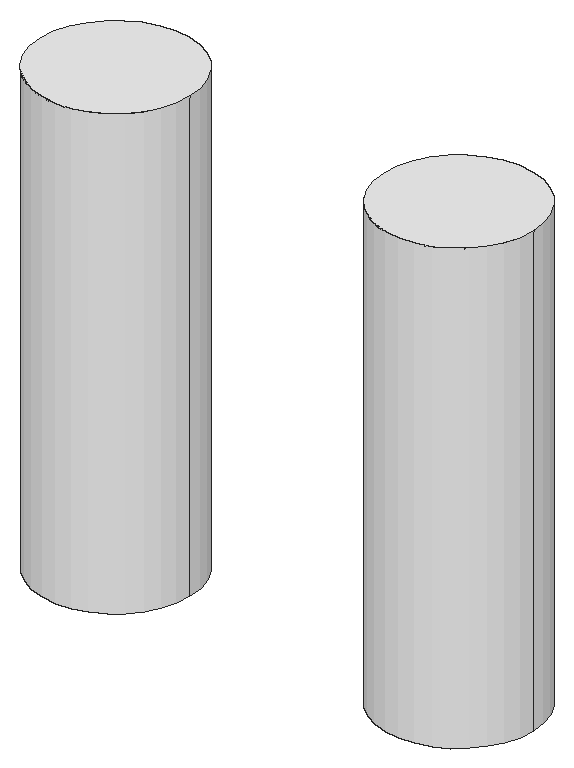
Revit family "52562263(2022)", category Plumbing Fixtures, Revit 2018
Family settings
  Round Connector Dimension = Use Diameter
  Part Type = Normal
  OmniClass Number = 23.45.55.00
  OmniClass Title = Sanitary Faucets, Wastes
  Work Plane-Based = No
  Always vertical = Yes
  Cut with Voids When Loaded = No
  Shared = No
  Room Calculation Point = No
Parameters (values of type "52562263 Washbasin faucet")
  WorkingPressure = "50 - 1000 kPa"
  Working Pressure = "50 - 1000 kPa"
  WarrantyStartDate [instance] = "n/a"
  WarrantyGuarantorParts = "n/a"
  WarrantyGuarantorLabor = "n/a"
  WarrantyDurationUnit = "Year"
  WarrantyDurationParts = "n/a"
  WarrantyDurationLabor = "n/a"
  WarrantyDescription = "http://warranty.hansa.com"
  Warranty Information URL = "http://warranty.hansa.com"
  VersionDate = "01/07/2022"
  Version = "2"  # constant formula
  ValvePattern = "n/a"
  ValveOperation = "n/a"
  ValveMechanism = "n/a"
  Uniclass2015Reference = "Pr_40_20_87_96"
  Uniclass2015Description = "Washbasin manual water supply sets"
  Uniclass2 = "Pr_40_30_96_96"
  URL REACH = "http://static.hansa.com/doc/reach"
  URL Declaration of Conformity = "http://static.hansa.com/DoC/52562263"
  URL = ""
  UNSPSC Class Number = "30181700 Faucets or taps"
  Type Comments = ""
  TestPressure = "n/a"
  Temperature Adjustments = "Limitation option for maximum temperature and flow-rate "
  Technical DataSheet URL = "http://www.hansa.com/datasheet/52562263/en"
  TagNumber [instance] = "n/a"
  SustainabilityPerformance = "n/a"
  Surface treatment = "Chrome"
  Spout Type = "Fixed spout"
  Spout Projection = "114 mm"
  Spare-Part Information URL = "http://static.hansa.com/sp/52562263"
  Size = "50x170x200 mm"
  Shape = "Sculptured"
  SerialNumber [instance] = "n/a"
  Sales Package dimensions (LxWxH) = "380 x 180 x 74"
  Revision = "2"  # constant formula
  ReplacementCost = "n/a"
  ProductInformation = "n/a"
  Product URL = "http://static.hansa.com/52562263"
  Product Image URL = "http://static.hansa.com/image/52562263"
  Product Family = "HANSAVANTIS XL"
  Product Code = "52562263"
  OperatingMechanismMaterial = "n/a"
  NominalWidth = 46.499 mm
  NominalHeight = 188.5 mm
  NominalDepth = 165.09 mm
  Name_en = "52562263 Washbasin faucet"
  Name = "52562263 Washbasin faucet"
  NBSReference = "45-35-70/371"
  NBSDescription = "Water supply fittings for wash basins and troughs"
  Mounting Holes = "1 hole"
  ModelReference = "52562263"
  ModelNumber = "n/a"
  Model = "52562263 Washbasin faucet"
  Mobile Product Information URL = "http://mpi.hansa.com/52562263"
  Mechanical Parts = "30Cartridge"
  Max. Hot Water Supply = 70 °C
  Material = "brassPlastic"
  Market = "International;Germany;Austria;Belgium;Netherlands;France;Czech Republic;Slovakia;Italy;Spain"
  ManufacturerURL = "http://www.hansa.com"
  ManufacturerName = "HANSA"
  Manufacturer = "HANSA"
  Lever Handle = "Single operating lever/handle;Hot/Cold symbols"
  Keynote = ""
  Interactive AR View URL = "https://static.hansa.com/AR/52562263"
  InstallationDate [instance] = "n/a"
  Installation and Maintenance Guide URL = "http://static.hansa.com/manual/52562263"
  Installation Type = "Deck mounted"
  InletConnectionSize = 10 mm
  IfcExportType = "FAUCET"  # constant formula
  IfcExportAs = "IfcValveType"  # constant formula
  Group = "Washbasin faucet"
  Grade = "n/a"
  FlowCoefficient = 0
  Flow Rate At 300kPa With Flow Controller = 0.01 L/s
  Flow Drawing URL = "http://static.hansa.com/flowchart/52562263"
  Finish = "Polished"
  Features = "Single-lever"
  FaucetMainMaterial = Brass
  FDV Document URL = "http://www.hansa.com/datasheet/52562263/en/fdv"
  Extensions = "Pop-up waste with draw-rod"
  ExpectedLife = "n/a"
  ETIM Class Number = "EC011328 Washbasin mixing tap"
  EN Standard = "EN 817"
  EAN Number = "4057304017148"
  DurationUnit = "Year"
  Dimension Drawing URL = "http://static.hansa.com/dimdrw/52562263"
  Description = ""
  DefaultElevation [instance] = 900 mm
  Constituents = "n/a"
  Connection Size = "G3/8"
  Connection = "Flexible inlet pipes"
  Color = "Chrome"
  CodePerformance = "n/a"
  CloseOffRating = 0
  Catalog Drawing URL = "http://static.hansa.com/catdrw/52562263"
  Brand = "HANSA"
  BodyMaterial = "Brass"
  Barcode [instance] = "n/a"
  Backflow Prevention EN1717 = "AA"
  BIMObjectName = "52562263(2022)"
  Author = "BIMStone"
  AssetType = "Fixed"
  AssetIdentifier [instance] = "n/a"
  Aerator = "PCA® - constant flow rate regardless of pressure variations"
  Advanced Features = "Inner body made of DZR brass;3S-installation system for safe and simple mounting"
  AccessibilityPerformance = "n/a"
  3D View = "https://static.hansa.com/3D/52562263"
  2D/3D/BIM Files URL = "http://static.hansa.com/bim/52562263"
Reference planes
  plane 1 "Center (Front/Back)": y = 0
  plane 2: z = 0
  plane 3 "Center (Left/Right)": x = 0
  plane 4: x = -23.249
  plane 5: z = 900
  plane 6: z = 870
  plane 7: y = -165.09
  plane 8: x = 23.249
  plane 9: z = 1088.5
Forms (mm)
  Extrusion 1, solid, material "Brass" <- "FaucetMainMaterial"
    sketch origin (0, -17.5, 0) x (1, 0, 0) y (0, 1, 0)
      loop
        circle (-11.5, -22.5) r 5
      loop
        circle (11.5, -22.5) r 5
    from 870 to 900
Dimensions and locks
  "DefaultElevation": plane 5 to level
  locked: plane 5 to plane 6 at 30
  "NominalDepth": plane 7 to plane 1 "Center (Front/Back)"
  equal spacing: plane 4, plane 3 "Center (Left/Right)", plane 8
  "NominalHeight": plane 9 to plane 5
  "NominalWidth": plane 4 to plane 8
  "InletConnectionSize": diameter of Extrusion 1 sketch curve  (x2)
  aligned and locked: level to plane 2
  aligned and locked: plane 5 to Extrusion 1
  aligned and locked: Extrusion 1 to plane 6
  aligned and locked: plane 1 "Center (Front/Back)" to nested 2
  aligned and locked: plane 3 "Center (Left/Right)" to nested 2
  aligned and locked: plane 3 "Center (Left/Right)" to nested 1
  aligned and locked: plane 1 "Center (Front/Back)" to nested 1
  aligned and locked: plane 7 to nested 2
Automatic sketch dimensions
  Extrusion 1 sketch curve to plane 3 "Center (Left/Right)" = 11.5 mm
  plane 3 "Center (Left/Right)" to Extrusion 1 sketch curve = 11.5 mm
  plane 1 "Center (Front/Back)" to Extrusion 1 sketch curve = 40 mm  (x2)
Nested families
  nested 1: "Symbol" at (0, 0, 0), type "Symbol", detail levels coarse
  nested 2: "52562263(2022).p" at (0, 0, 900), main material <- "FaucetMainMaterial", type "52562263(2022).p"
    with main material Brass
Connectors
  piping at (-11.5, -40, 870), diameter 10, driven by "InletConnectionSize"
    settings: on Extrusion 1, index 1, connector inside diameter 609.6 mm, connector length 0 mm, flow factor 0, pipe flow 0.2 L/s, pressure drop 0.0 Pa, fitting loss kfactor 0, connector angle 0.00°, fixture units 0, engagement length 0 mm, angle of deflection 0.00°, flow configuration 1, flow direction 1, fitting loss method 0, system type 19, joint type 0, gender type 0, connector reference index -1, connector utility 0, adjustable connector no, is connector primary yes, connector description ""
  piping at (11.5, -40, 870), diameter 10, driven by "InletConnectionSize"
    settings: on Extrusion 1, index 2, connector inside diameter 609.6 mm, connector length 0 mm, flow factor 0, pipe flow 0.2 L/s, pressure drop 0.0 Pa, fitting loss kfactor 0, connector angle 0.00°, fixture units 0, engagement length 0 mm, angle of deflection 0.00°, flow configuration 1, flow direction 1, fitting loss method 0, system type 20, joint type 0, gender type 0, connector reference index -1, connector utility 0, adjustable connector no, is connector primary no, connector description ""
Definition of nested family "Symbol"
  Reference planes
    plane 1: y = 0
    plane 2: x = 0
  Lines and regions (mm)
    detail lines
      curve 1: line (0, 0, 0) -> (0, -1.8, 0)
      curve 2: line (-0.4, -1.1, 0) -> (0.4, -1.1, 0)
      curve 3: line (-0.4, -1.4, 0) -> (0.4, -1.4, 0)
      curve 4: line (0.863, 0, 0) -> (-0.863, 0, 0)
      curve 5: circle (-1.163, 0, 0) r 0.3 normal (0, 0, -1)
      curve 6: circle (1.163, 0, 0) r 0.3 normal (0, 0, 1)
Definition of nested family "52562263(2022).p"
  Parameters (values of type "52562263(2022).p")
    main material [instance] = none
  Reference planes
    plane 1 "Center (Front/Back)": y = 0
    plane 2: z = 0
    plane 3 "Center (Left/Right)": x = 0
    plane 4: z = 186
    plane 5: y = -165.09
    plane 6: x = -23.249
    plane 7: x = 23.249
  Forms (mm)
    Revolve 1, solid, material <- "main material", detail levels medium
      sketch origin (0.009, -0.001, 0) x (0, 1, 0) y (0, 0, 1)
        loop
          line (-16.75, 0) -> (-16.75, 186) -> (-40, 186) -> (-40, 0) -> (-16.75, 0)
        axis (-40, 0) -> (-40, 186)
      angle from 0 to 360
    Extrusion 2, solid, material <- "main material", detail levels medium
      sketch origin (0.009, -0.001, 0) x (0, 1, 0) y (0, 0, 1)
        loop
          line (0, 57.272) -> (-15.312, 57.272) -> (-17.343, 50.192) -> (-17.343, 27.748) -> (-10.614, 51.213) -> (0, 51.213) -> (0, 57.272)
      from -3.093 to 3.075
    Extrusion 3, solid, material <- "main material", detail levels medium
      sketch origin (0.009, -0.001, 0) x (0, 1, 0) y (0, 0, 1)
        loop
          line (-48.033, 186) -> (-127.502, 186) -> (-127.502, 178.5) -> (-48.033, 178.5) -> (-48.033, 186)
      from -13.006 to 12.988
    Revolve 4, solid, material <- "main material", detail levels medium
      sketch origin (0.009, -0.001, 0) x (0, 1, 0) y (0, 0, 1)
        loop
          line (-165.09, 94.201) -> (-48.813, 127.543) -> (-48.813, 145.614) -> (-165.09, 112.272) -> (-165.09, 94.201)
        axis (-44.025, 128.916) -> (-165.09, 94.201)
      angle from 0 to 360
    Extrusion 5, solid, material <- "main material", detail levels coarse
      sketch origin (0, 0, 0) x (0, 1, 0) y (0, 0, 1)
        loop
          line (-165.09, 186) -> (-165.09, 0) -> (0, 0) -> (0, 186) -> (-165.09, 186)
      from -23.249 to 23.249
  Lines and regions (mm)
    symbolic lines, detail levels medium+fine
      curve 1: line (0, -0.001, 0) -> (-2.478, -0.001, 0)
      curve 2: arc (-2.478, -0.001, 0) -> (-2.843, -0.152, 0) -> (-2.994, -0.516, 0) r 0.516
      curve 3: line (-2.994, -0.516, 0) -> (-2.994, -16.908, 0)
      curve 5: arc (0, -165.09, 0) -> (-10.885, -160.621, 0) -> (-15.47, -149.784, 0) r 15.456
      curve 6: arc (-2.994, -16.908, 0) -> (-21.319, -30.687, 0) -> (-18.911, -53.488, 0) r 23.249
      curve 7: line (0, -0.001, 0) -> (2.478, -0.001, 0)
      curve 8: arc (2.478, -0.001, 0) -> (2.843, -0.152, 0) -> (2.994, -0.516, 0) r 0.516
      curve 9: line (2.994, -0.516, 0) -> (2.994, -16.908, 0)
      curve 11: line (15.47, -149.784, 0) -> (16.137, -81.379, 0)
      curve 12: arc (0, -165.09, 0) -> (10.885, -160.621, 0) -> (15.47, -149.784, 0) r 15.456
      curve 13: arc (2.994, -16.908, 0) -> (21.319, -30.687, 0) -> (18.911, -53.488, 0) r 23.249
      curve 14: line (-15.47, -149.784, 0) -> (-16.137, -81.379, 0)
      curve 15: line (-16.137, -81.379, 0) -> (-18.911, -53.488, 0)
      curve 16: line (16.137, -81.379, 0) -> (18.911, -53.488, 0)
      curve 23: line (0, 0, 0) -> (-23.249, 0, 0)
      curve 24: line (-23.249, 0, 0) -> (-23.249, 0, 148.48)
      curve 25: arc (-23.249, 0, 148.48) -> (-23.104, 0, 148.841) -> (-22.749, 0, 149) r 0.521
      curve 26: line (-22.749, 0, 149) -> (-21.762, 0, 149)
      curve 28: line (-21.57, 0, 150.998) -> (-22.008, 0, 149.241)
      curve 29: arc (-22.008, 0, 149.241) -> (-21.954, 0, 149.05) -> (-21.762, 0, 149) r 0.2
      curve 31: line (-21.57, 0, 150.998) -> (-22.795, 0, 150.998)
      curve 32: arc (-22.795, 0, 150.998) -> (-23.118, 0, 151.133) -> (-23.249, 0, 151.458) r 0.455
      curve 33: line (-23.249, 0, 151.458) -> (-19.922, 0, 184.946)
      curve 48: line (0, 0, 0) -> (23.249, 0, 0)
      curve 49: line (23.249, 0, 0) -> (23.249, 0, 148.48)
      curve 50: arc (23.249, 0, 148.48) -> (23.104, 0, 148.841) -> (22.749, 0, 149) r 0.521
      curve 51: line (22.749, 0, 149) -> (21.762, 0, 149)
      curve 53: line (21.57, 0, 150.998) -> (22.008, 0, 149.241)
      curve 55: line (21.57, 0, 150.998) -> (22.795, 0, 150.998)
      curve 70: arc (22.795, 0, 150.998) -> (23.116, 0, 151.134) -> (23.249, 0, 151.457) r 0.459
      curve 71: arc (22.008, 0, 149.241) -> (21.954, 0, 149.05) -> (21.762, 0, 149) r 0.2
      curve 73: arc (-19.922, 0, 184.946) -> (-19.613, 0, 185.691) -> (-18.868, 0, 186) r 1.054
      curve 74: line (-18.868, 0, 186) -> (0, 0, 186)
      curve 83: line (23.249, 0, 151.457) -> (19.922, 0, 184.946)
      curve 84: arc (19.922, 0, 184.946) -> (19.613, 0, 185.691) -> (18.868, 0, 186) r 1.054
      curve 85: line (18.868, 0, 186) -> (0, 0, 186)
      curve 94: line (0, -0.001, 56.997) -> (0, -0.001, 51.997)
      curve 95: arc (0, -0.001, 51.997) -> (0, -0.136, 51.611) -> (0, -0.482, 51.393) r 0.619
      curve 96: line (0, -0.482, 51.393) -> (0, -10.693, 51.393)
      curve 97: line (0, -10.693, 51.393) -> (0, -16.751, 28.787)
      curve 98: line (0, -16.751, 0) -> (0, -16.751, 28.787)
      curve 99: line (0, -16.751, 0) -> (0, -63.251, 0)
      curve 100: line (0, -63.251, 0) -> (0, -63.251, 90.915)
      curve 101: arc (0, -63.251, 90.915) -> (0, -63.563, 94.395) -> (0, -64.491, 97.764) r 19.53
      curve 102: arc (0, -64.491, 97.764) -> (0, -67.535, 101.778) -> (0, -72.282, 103.464) r 8.795
      curve 103: arc (0, -72.282, 103.464) -> (0, -75.502, 103.361) -> (0, -78.661, 102.732) r 19.55
      curve 104: line (0, -78.661, 102.732) -> (0, -134.849, 89.229)
      curve 105: arc (0, -134.849, 89.229) -> (0, -135.8, 89.043) -> (0, -136.764, 88.938) r 11.377
      curve 106: arc (0, -136.764, 88.938) -> (0, -137.971, 89.088) -> (0, -139.037, 89.673) r 3.236
      curve 107: line (0, -139.037, 89.673) -> (0, -141.176, 91.442)
      curve 109: line (0, -159.635, 106.974) -> (0, -164.579, 111.122)
      curve 110: arc (0, -164.579, 111.122) -> (0, -165.073, 112.442) -> (0, -164.197, 113.547) r 1.432
      curve 111: line (0, -164.197, 113.547) -> (0, -74.062, 137.25)
      curve 112: arc (0, -74.062, 137.25) -> (0, -71.402, 138.021) -> (0, -68.784, 138.923) r 55.545
      curve 113: arc (0, -68.784, 138.923) -> (0, -66.738, 140.155) -> (0, -65.275, 142.043) r 6.496
      curve 114: arc (0, -65.275, 142.043) -> (0, -64.025, 145.164) -> (0, -63.377, 148.464) r 18.005
      curve 115: arc (0, -63.377, 148.464) -> (0, -63.203, 148.829) -> (0, -62.836, 149) r 0.599
      curve 116: line (0, -62.836, 149) -> (0, -61.854, 149)
      curve 117: arc (0, -17.249, 149) -> (0, -16.897, 148.854) -> (0, -16.751, 148.501) r 0.499
      curve 118: line (0, -16.751, 148.501) -> (0, -16.751, 51.91)
      curve 119: arc (0, -0.541, 57.433) -> (0, -0.167, 57.344) -> (0, -0.001, 56.997) r 0.446
      curve 120: line (0, -0.541, 57.433) -> (0, -15.271, 57.433)
      curve 121: line (0, -15.271, 57.433) -> (0, -16.751, 51.91)
      curve 122: line (0, -142.135, 89.999) -> (0, -141.176, 91.442)
      curve 123: line (0, -142.135, 89.999) -> (0, -142.968, 90.553)
      curve 124: line (0, -142.968, 90.553) -> (0, -145.102, 87.342)
      curve 125: line (0, -145.102, 87.342) -> (0, -163.447, 99.533)
      curve 126: line (0, -163.447, 99.533) -> (0, -161.225, 102.876)
      curve 127: line (0, -161.225, 102.876) -> (0, -162.032, 103.42)
      curve 128: line (0, -162.032, 103.42) -> (0, -159.635, 106.974)
      curve 129: arc (0, -17.988, 149.268) -> (0, -19.251, 153.278) -> (0, -21.128, 157.04) r 26.694
      curve 130: arc (0, -18.157, 149) -> (0, -18.017, 149.098) -> (0, -17.988, 149.268) r 0.223
      curve 131: arc (0, -61.565, 151.011) -> (0, -61.796, 150.134) -> (0, -61.972, 149.244) r 14.476
      curve 132: arc (0, -61.972, 149.244) -> (0, -61.952, 149.103) -> (0, -61.854, 149) r 0.235
      curve 136: line (0, -21.128, 157.04) -> (0, -16.956, 158.396)
      curve 137: arc (0, -16.956, 158.396) -> (0, -16.762, 158.537) -> (0, -16.688, 158.765) r 0.387
      curve 138: line (0, -16.688, 158.765) -> (0, -16.688, 184.399)
      curve 139: arc (0, -16.688, 184.399) -> (0, -17.07, 185.445) -> (0, -18.036, 186) r 1.625
      curve 140: line (0, -18.036, 186) -> (0, -58.353, 186)
      curve 141: arc (0, -125.558, 186) -> (0, -126.952, 185.411) -> (0, -127.502, 184.002) r 1.945
      curve 142: line (0, -127.502, 184.002) -> (0, -127.502, 180.002)
      curve 143: arc (0, -127.502, 180.002) -> (0, -126.916, 178.586) -> (0, -125.499, 177.999) r 2.003
      curve 144: line (0, -125.499, 177.999) -> (0, -69.049, 177.999)
      curve 145: arc (0, -69.049, 177.999) -> (0, -67.677, 177.959) -> (0, -66.309, 177.837) r 23.276
      curve 146: arc (0, -66.309, 177.837) -> (0, -65.172, 177.489) -> (0, -64.228, 176.765) r 3.341
      curve 147: arc (0, -64.228, 176.765) -> (0, -63.584, 175.727) -> (0, -63.349, 174.529) r 3.389
      curve 148: line (0, -63.349, 174.529) -> (0, -63.349, 171.063)
      curve 149: line (0, -61.565, 151.011) -> (0, -63.129, 151.011)
      curve 150: arc (0, -63.349, 151.398) -> (0, -63.29, 151.175) -> (0, -63.129, 151.011) r 0.451
      curve 155: line (0, -63.349, 171.063) -> (0, -63.349, 151.398)
      curve 156: line (0, -58.353, 186) -> (0, -125.558, 186)
      curve 157: line (0, -18.157, 149) -> (0, -17.249, 149)
    symbolic lines, detail levels fine
      curve 4: arc (0, -16.714, 0) -> (-1.5, -16.763, 0) -> (-2.994, -16.908, 0) r 23.249
      curve 10: arc (0, -16.714, 0) -> (1.5, -16.763, 0) -> (2.994, -16.908, 0) r 23.249
      curve 17: line (-18.911, -53.488, 0) -> (-20.293, -40.337, 0)
      curve 18: line (18.911, -53.488, 0) -> (20.293, -40.337, 0)
      curve 19: arc (-20.293, -40.337, 0) -> (0, -17.799, 0) -> (20.293, -40.337, 0) r 20.405
      curve 20: line (-16.137, -81.379, 0) -> (-12.371, -117.21, 0)
      curve 21: line (16.137, -81.379, 0) -> (12.371, -117.21, 0)
      curve 22: arc (12.371, -117.21, 0) -> (0, -128.349, 0) -> (-12.371, -117.21, 0) r 12.439
      curve 27: line (-21.762, 0, 149) -> (-18.967, 0, 149)
      curve 30: line (-21.57, 0, 150.998) -> (0, 0, 150.998)
      curve 34: line (-16.304, 0, 122.674) -> (-15.428, 0, 101.82)
      curve 35: arc (-15.428, 0, 101.82) -> (-14.457, 0, 97.447) -> (-12.032, 0, 93.68) r 12.744
      curve 36: line (-12.032, 0, 93.68) -> (-12.032, 0, 98.11)
      curve 37: arc (-12.032, 0, 98.11) -> (-8.551, 0, 106.886) -> (0, 0, 110.891) r 12.805
      curve 38: arc (-11.384, 0, 91.621) -> (-11.866, 0, 92.601) -> (-12.032, 0, 93.68) r 3.601
      curve 39: arc (-8.583, 0, 89.201) -> (-10.136, 0, 90.235) -> (-11.384, 0, 91.621) r 7.496
      curve 40: arc (0, 0, 87.397) -> (-4.408, 0, 87.748) -> (-8.583, 0, 89.201) r 17.336
      curve 41: arc (-12.032, 0, 93.68) -> (-11.658, 0, 95.573) -> (-10.593, 0, 97.181) r 4.98
      curve 42: arc (-10.593, 0, 97.181) -> (-7.933, 0, 99.128) -> (-4.795, 0, 100.143) r 10.38
      curve 43: line (-4.795, 0, 100.143) -> (-4.795, 0, 102.861)
      curve 44: arc (-4.795, 0, 102.861) -> (-2.414, 0, 103.283) -> (0, 0, 103.425) r 20.668
      curve 45: arc (-4.795, 0, 100.143) -> (-2.41, 0, 99.775) -> (0, 0, 99.653) r 23.665
      curve 46: arc (-14.457, 0, 97.447) -> (-20.597, 0, 122.883) -> (-18.967, 0, 149) r 87.789
      curve 47: line (-18.967, 0, 149) -> (0, 0, 149)
      curve 52: line (21.762, 0, 149) -> (18.967, 0, 149)
      curve 54: line (21.57, 0, 150.998) -> (0, 0, 150.998)
      curve 56: line (16.304, 0, 122.674) -> (15.428, 0, 101.82)
      curve 57: arc (15.428, 0, 101.82) -> (14.457, 0, 97.447) -> (12.032, 0, 93.68) r 12.744
      curve 58: line (12.032, 0, 93.68) -> (12.032, 0, 98.11)
      curve 59: arc (12.032, 0, 98.11) -> (8.551, 0, 106.886) -> (0, 0, 110.891) r 12.805
      curve 60: arc (11.385, 0, 91.621) -> (11.866, 0, 92.601) -> (12.032, 0, 93.68) r 3.601
      curve 61: arc (8.583, 0, 89.201) -> (10.136, 0, 90.235) -> (11.385, 0, 91.621) r 7.496
      curve 62: arc (0, 0, 87.397) -> (4.408, 0, 87.748) -> (8.583, 0, 89.201) r 17.336
      curve 63: arc (12.032, 0, 93.68) -> (11.658, 0, 95.573) -> (10.593, 0, 97.181) r 4.98
      curve 64: arc (10.593, 0, 97.181) -> (7.933, 0, 99.128) -> (4.795, 0, 100.143) r 10.38
      curve 65: line (4.795, 0, 100.143) -> (4.795, 0, 102.861)
      curve 66: arc (4.795, 0, 102.861) -> (2.414, 0, 103.283) -> (0, 0, 103.425) r 20.668
      curve 67: arc (4.795, 0, 100.143) -> (2.41, 0, 99.775) -> (0, 0, 99.653) r 23.665
      curve 68: arc (14.457, 0, 97.447) -> (20.597, 0, 122.883) -> (18.967, 0, 149) r 87.789
      curve 69: line (18.967, 0, 149) -> (0, 0, 149)
      curve 72: arc (-16.304, 0, 122.674) -> (0, 0, 138.978) -> (16.304, 0, 122.674) r 16.304
      curve 75: line (0, 0, 179.8) -> (-8.173, 0, 179.8)
      curve 76: arc (-8.173, 0, 179.8) -> (-10.4, 0, 180.472) -> (-11.885, 0, 182.263) r 4.029
      curve 77: arc (-11.885, 0, 182.263) -> (-12.247, 0, 183.58) -> (-12.256, 0, 184.946) r 5.234
      curve 78: arc (-12.256, 0, 184.946) -> (-11.967, 0, 185.605) -> (-11.365, 0, 186) r 1.264
      curve 79: line (-8.173, 0, 179.8) -> (-13.173, 0, 179.8)
      curve 80: arc (-13.173, 0, 179.8) -> (-14.761, 0, 180.279) -> (-15.819, 0, 181.557) r 2.871
      curve 81: arc (-15.819, 0, 181.557) -> (-16.181, 0, 182.644) -> (-16.374, 0, 183.772) r 7.497
      curve 82: arc (-16.374, 0, 183.772) -> (-16.412, 0, 184.888) -> (-16.319, 0, 186) r 9.512
      curve 86: line (0, 0, 179.8) -> (8.173, 0, 179.8)
      curve 87: arc (8.173, 0, 179.8) -> (10.4, 0, 180.472) -> (11.885, 0, 182.263) r 4.029
      curve 88: arc (11.885, 0, 182.263) -> (12.247, 0, 183.58) -> (12.256, 0, 184.946) r 5.234
      curve 89: arc (12.256, 0, 184.946) -> (11.967, 0, 185.605) -> (11.365, 0, 186) r 1.264
      curve 90: line (8.173, 0, 179.8) -> (13.173, 0, 179.8)
      curve 91: arc (13.173, 0, 179.8) -> (14.761, 0, 180.279) -> (15.819, 0, 181.557) r 2.871
      curve 92: arc (15.819, 0, 181.557) -> (16.181, 0, 182.644) -> (16.374, 0, 183.772) r 7.497
      curve 93: arc (16.374, 0, 183.772) -> (16.412, 0, 184.888) -> (16.319, 0, 186) r 9.512
      curve 108: line (0, -141.158, 91.47) -> (0, -159.635, 106.974)
      curve 133: line (0, -61.565, 151.011) -> (0, -41.565, 151.011)
      curve 134: arc (0, -41.565, 151.011) -> (0, -39.973, 151.118) -> (0, -38.409, 151.436) r 11.906
      curve 135: line (0, -38.409, 151.436) -> (0, -21.128, 157.04)
      curve 151: arc (0, -58.353, 186) -> (0, -59.807, 178.182) -> (0, -63.349, 171.063) r 28.719
      curve 152: arc (0, -63.251, 90.915) -> (0, -50.954, 118.692) -> (0, -53.009, 149) r 63.323
      curve 153: line (0, -16.751, 51.91) -> (0, -16.751, 28.787)
      curve 154: line (0, -53.009, 149) -> (0, -18.157, 149)
      curve 158: line (0, -61.854, 149) -> (0, -53.009, 149)
  Dimensions and locks
    equal spacing: Extrusion 3, plane 3 "Center (Left/Right)", Extrusion 3
    aligned and locked: level to plane 2
  Automatic sketch dimensions
    Revolve 1 sketch curve to level = 0 mm
    plane 1 "Center (Front/Back)" to Revolve 1 sketch curve = 40.001 mm
    plane 1 "Center (Front/Back)" to Revolve 1 sketch curve = 16.751 mm
    plane 4 to Revolve 1 sketch curve = 0 mm
    Revolve 1 sketch curve to Revolve 1 sketch curve = 0 mm
    Revolve 1 sketch curve to Revolve 1 sketch curve = 2.5 mm
    Revolve 1 sketch curve to Revolve 1 sketch curve = 37.5 mm
    plane 1 "Center (Front/Back)" to Extrusion 2 sketch curve = 17.343 mm
    Extrusion 2 sketch curve to Extrusion 2 sketch curve = 2.03 mm
    Extrusion 2 sketch curve to Extrusion 2 sketch curve = 6.729 mm
    plane 1 "Center (Front/Back)" to Extrusion 2 sketch curve = 0.001 mm
    level to Extrusion 2 sketch curve = 27.748 mm
    Extrusion 2 sketch curve to Extrusion 2 sketch curve = 22.444 mm
    Extrusion 2 sketch curve to Extrusion 2 sketch curve = 1.021 mm
    Extrusion 2 sketch curve to Extrusion 2 sketch curve = 7.08 mm
    plane 4 to Extrusion 3 sketch curve = 0 mm
    plane 5 to Extrusion 3 sketch curve = 37.588 mm
    Extrusion 3 sketch curve to plane 4 = 7.5 mm
    plane 1 "Center (Front/Back)" to Extrusion 3 sketch curve = 48.033 mm
    Revolve 4 sketch curve to plane 5 = 0 mm  (x2)
    plane 1 "Center (Front/Back)" to Revolve 4 sketch curve = 48.813 mm
    Revolve 4 sketch curve to plane 4 = 91.799 mm
    Revolve 4 sketch curve to Revolve 4 sketch curve = 18.071 mm  (x2)
    Revolve 4 sketch curve to plane 4 = 58.457 mm
    Revolve 4 sketch curve to plane 5 = 19.225 mm
    Revolve 4 sketch curve to Revolve 4 sketch curve = 0 mm
    Revolve 4 sketch curve to Revolve 4 sketch curve = 5.513 mm
    curve 73 to plane 4 = 0 mm
    curve 75 to plane 3 "Center (Left/Right)" = 0 mm
    curve 74 to plane 3 "Center (Left/Right)" = 0 mm
    curve 82 to plane 4 = 1.348 mm
    curve 82 to plane 3 "Center (Left/Right)" = 6.902 mm
    curve 77 to curve 82 = 0.16 mm
    curve 79 to curve 77 = 1.11 mm
    curve 81 to curve 76 = 0.737 mm
    curve 78 to curve 81 = 2.092 mm
    curve 79 to curve 76 = 5 mm
    curve 73 to plane 4 = 1.054 mm
    curve 73 to plane 6 = 4.381 mm
    curve 93 to plane 4 = 1.348 mm
    plane 3 "Center (Left/Right)" to curve 93 = 6.902 mm
    curve 93 to curve 88 = 0.16 mm
    curve 88 to curve 90 = 1.11 mm
    curve 87 to curve 92 = 0.737 mm
    curve 92 to curve 89 = 2.092 mm
    curve 89 to curve 91 = 2.171 mm
    curve 84 to plane 4 = 1.054 mm
    curve 84 to plane 7 = 4.381 mm
    curve 92 to plane 4 = 1.535 mm
    curve 81 to plane 4 = 1.535 mm
    curve 77 to curve 82 = 0.354 mm
    curve 88 to curve 93 = 0.354 mm
    curve 87 to curve 92 = 0.637 mm
    curve 76 to curve 81 = 0.637 mm
    curve 91 to plane 4 = 3.329 mm
    curve 80 to plane 4 = 3.329 mm
    curve 79 to curve 76 = 4.029 mm
    curve 78 to plane 4 = 1.21 mm
    curve 89 to plane 4 = 1.21 mm
    curve 78 to curve 78 = 0.363 mm
    curve 77 to curve 76 = 0 mm
    curve 81 to curve 80 = 0 mm
    curve 81 to curve 82 = 0.055 mm
    curve 89 to curve 89 = 0.363 mm
    curve 88 to curve 87 = 0 mm
    curve 92 to curve 91 = 0 mm
    curve 93 to curve 92 = 0.055 mm
    curve 4 to curve 6 = 0 mm  (x2)
    curve 4 to curve 10 = 0 mm  (x2)
    curve 4 to curve 13 = 0 mm  (x2)
    curve 6 to curve 10 = 0 mm  (x2)
    curve 6 to curve 13 = 0 mm  (x2)
    curve 10 to curve 13 = 0 mm  (x2)
    curve 5 to plane 3 "Center (Left/Right)" = 0 mm
    curve 10 to plane 3 "Center (Left/Right)" = 0 mm
    curve 22 to plane 3 "Center (Left/Right)" = 0 mm
    curve 1 to plane 3 "Center (Left/Right)" = 0 mm
    curve 19 to plane 3 "Center (Left/Right)" = 0 mm
    curve 5 to plane 3 "Center (Left/Right)" = 0.014 mm
    plane 1 "Center (Front/Back)" to curve 2 = 0.516 mm
    curve 2 to plane 3 "Center (Left/Right)" = 2.478 mm
    curve 3 to curve 2 = 0.516 mm
    curve 20 to plane 6 = 10.879 mm
    curve 14 to plane 6 = 7.779 mm
    curve 15 to plane 6 = 7.113 mm
    curve 15 to plane 6 = 4.338 mm
    curve 17 to plane 6 = 2.956 mm
    plane 3 "Center (Left/Right)" to curve 12 = 0.014 mm
    plane 1 "Center (Front/Back)" to curve 8 = 0.516 mm
    plane 3 "Center (Left/Right)" to curve 8 = 2.478 mm
    curve 21 to plane 7 = 10.879 mm
    curve 11 to plane 7 = 7.779 mm
    curve 16 to plane 7 = 7.113 mm
    curve 16 to plane 7 = 4.338 mm
    curve 18 to plane 7 = 2.956 mm
    curve 3 to curve 2 = 16.391 mm
    curve 19 to curve 6 = 21.296 mm
    curve 4 to curve 19 = 1.759 mm
    curve 16 to curve 18 = 13.151 mm
    curve 15 to curve 6 = 27.892 mm
    curve 11 to curve 13 = 27.892 mm
    curve 22 to curve 11 = 34.53 mm
    curve 20 to curve 22 = 1.3 mm
    plane 5 to curve 5 = 15.456 mm
    curve 5 to curve 12 = 0 mm
    plane 5 to curve 11 = 15.306 mm
    plane 6 to curve 68 = 43.608 mm
    curve 24 to plane 6 = 0 mm
    curve 33 to plane 6 = 0 mm
    curve 32 to plane 6 = 0.455 mm
    curve 26 to plane 6 = 0.5 mm
    curve 25 to curve 25 = 0.521 mm
    curve 25 to curve 28 = 0.741 mm
    curve 28 to curve 29 = 0.194 mm
    curve 29 to curve 26 = 0.052 mm
    curve 31 to curve 31 = 1.225 mm
    curve 26 to curve 27 = 2.795 mm
    curve 34 to plane 6 = 6.946 mm
    curve 34 to plane 6 = 7.821 mm
    curve 35 to curve 36 = 3.396 mm
    curve 36 to curve 38 = 3.601 mm
    curve 38 to curve 41 = 1.38 mm
    curve 41 to curve 39 = 1.815 mm
    curve 43 to plane 3 "Center (Left/Right)" = 4.795 mm
    curve 42 to plane 3 "Center (Left/Right)" = 3.211 mm
    curve 43 to curve 35 = 2.1 mm
    curve 40 to plane 3 "Center (Left/Right)" = 0.842 mm
    curve 59 to plane 3 "Center (Left/Right)" = 0.773 mm
    curve 45 to plane 3 "Center (Left/Right)" = 0.004 mm
    curve 66 to plane 3 "Center (Left/Right)" = 0 mm
    plane 3 "Center (Left/Right)" to curve 47 = 0 mm
    plane 3 "Center (Left/Right)" to curve 48 = 0 mm
    plane 3 "Center (Left/Right)" to curve 30 = 0 mm
    plane 3 "Center (Left/Right)" to curve 72 = 0 mm
    plane 3 "Center (Left/Right)" to curve 44 = 0.001 mm
    plane 3 "Center (Left/Right)" to curve 67 = 0.004 mm
    plane 3 "Center (Left/Right)" to curve 37 = 0.773 mm
    plane 3 "Center (Left/Right)" to curve 62 = 0.842 mm
    plane 3 "Center (Left/Right)" to curve 57 = 2.696 mm
    plane 3 "Center (Left/Right)" to curve 64 = 3.211 mm
    curve 57 to curve 65 = 2.1 mm
    curve 64 to curve 61 = 0.441 mm
    curve 61 to curve 63 = 1.815 mm
    curve 63 to curve 60 = 1.38 mm
    curve 60 to curve 58 = 3.601 mm
    curve 59 to curve 56 = 3.396 mm
    curve 52 to plane 7 = 4.283 mm
    curve 55 to plane 7 = 1.68 mm
    curve 52 to plane 7 = 1.487 mm
    curve 51 to curve 71 = 0.052 mm
    curve 71 to curve 53 = 0.194 mm
    curve 50 to plane 7 = 0.52 mm
    curve 51 to plane 7 = 0.5 mm
    curve 70 to plane 7 = 0.459 mm
    curve 55 to plane 7 = 0.455 mm
    plane 7 to curve 49 = 0 mm
    plane 7 to curve 83 = 0 mm
    plane 7 to curve 46 = 43.608 mm
    curve 23 to level = 0 mm
    level to curve 66 = 82.756 mm
    curve 44 to curve 66 = 0 mm
    curve 44 to curve 64 = 7.128 mm
    curve 42 to curve 64 = 0 mm
    curve 42 to curve 41 = 3.796 mm
    curve 64 to curve 60 = 3.796 mm
    curve 41 to curve 39 = 2.228 mm
    curve 63 to curve 61 = 2.228 mm
    curve 41 to curve 36 = 0.928 mm
    curve 63 to curve 58 = 0.928 mm
    curve 39 to curve 43 = 4.234 mm
    curve 61 to curve 65 = 4.234 mm
    curve 59 to curve 56 = 3.71 mm
    curve 36 to curve 34 = 3.71 mm
    curve 35 to curve 43 = 0.506 mm
    curve 57 to curve 65 = 0.506 mm
    curve 44 to curve 62 = 1.289 mm
    curve 66 to curve 40 = 1.289 mm
    curve 59 to curve 72 = 11.784 mm
    curve 72 to curve 45 = 0.643 mm
    curve 67 to curve 45 = 0 mm
    curve 72 to curve 68 = 7.86 mm
    curve 56 to curve 46 = 7.86 mm
    curve 72 to curve 49 = 25.805 mm
    curve 51 to curve 71 = 0.193 mm
    curve 26 to curve 29 = 0.193 mm
    curve 53 to curve 54 = 1.757 mm
    curve 31 to curve 32 = 0.455 mm
    curve 70 to curve 83 = 0.459 mm
    curve 33 to plane 4 = 1.054 mm
    curve 33 to plane 6 = 3.328 mm
    curve 39 to curve 38 = 0 mm
    curve 40 to curve 39 = 0 mm
    plane 3 "Center (Left/Right)" to curve 40 = 0 mm
    curve 61 to curve 62 = 0 mm
    curve 83 to plane 4 = 1.054 mm
    curve 83 to plane 7 = 3.328 mm
    curve 100 to level = 0 mm
    plane 5 to curve 109 = 0.512 mm
    plane 5 to curve 111 = 0.894 mm
    curve 109 to curve 110 = 0.921 mm
    plane 5 to curve 126 = 1.643 mm
    plane 5 to curve 127 = 3.058 mm
    curve 127 to curve 127 = 0.806 mm
    curve 127 to curve 109 = 2.397 mm
    plane 5 to curve 124 = 19.988 mm
    curve 124 to curve 123 = 2.134 mm
    curve 123 to curve 123 = 0.833 mm
    curve 122 to curve 107 = 0.959 mm
    curve 107 to curve 107 = 2.139 mm
    curve 107 to curve 105 = 3.668 mm
    curve 106 to curve 106 = 2.062 mm
    curve 106 to curve 104 = 2.126 mm
    curve 142 to plane 4 = 1.998 mm
    plane 5 to curve 142 = 37.588 mm
    curve 141 to curve 156 = 1.945 mm
    curve 142 to curve 144 = 2.003 mm
    curve 105 to curve 152 = 24.193 mm
    plane 4 to curve 112 = 4.969 mm
    curve 156 to curve 112 = 37.369 mm
    plane 4 to curve 151 = 1.292 mm
    curve 112 to curve 151 = 1.146 mm
    curve 152 to curve 101 = 30.534 mm
    curve 151 to curve 114 = 5.751 mm
    curve 101 to curve 104 = 4.12 mm
    curve 114 to curve 111 = 7.23 mm
    curve 101 to curve 103 = 9.508 mm
    curve 104 to curve 102 = 5.933 mm
    curve 112 to curve 113 = 3.008 mm
    curve 144 to plane 4 = 8.001 mm
    curve 151 to curve 144 = 17.994 mm
    curve 144 to curve 147 = 2.311 mm
    curve 147 to curve 146 = 0.036 mm
    curve 145 to curve 155 = 5.7 mm
    curve 102 to curve 100 = 9.477 mm
    curve 150 to curve 149 = 0.22 mm
    curve 150 to curve 150 = 0.451 mm
    curve 149 to curve 116 = 0.293 mm
    curve 115 to curve 115 = 0.055 mm
    curve 115 to curve 158 = 0.983 mm
    curve 132 to curve 132 = 0.113 mm
    curve 150 to curve 149 = 1.334 mm
    plane 4 to curve 140 = 0 mm
    curve 147 to curve 140 = 4.996 mm
    curve 132 to curve 158 = 8.732 mm
    curve 152 to curve 131 = 5.317 mm
    curve 131 to curve 129 = 3.69 mm
    curve 131 to curve 133 = 6.127 mm
    curve 133 to curve 135 = 3.155 mm
    curve 135 to curve 135 = 17.281 mm
    curve 139 to plane 4 = 1.601 mm
    plane 1 "Center (Front/Back)" to curve 139 = 18.314 mm
    curve 129 to curve 130 = 2.923 mm
    curve 130 to curve 154 = 0.048 mm
    curve 139 to curve 140 = 0.278 mm
    curve 130 to curve 117 = 0.908 mm
    curve 137 to curve 137 = 0.387 mm
    curve 137 to curve 136 = 0.119 mm
    plane 1 "Center (Front/Back)" to curve 97 = 16.751 mm
    curve 118 to curve 121 = 1.48 mm
    curve 118 to curve 96 = 6.057 mm
    plane 1 "Center (Front/Back)" to curve 95 = 0.619 mm
    plane 1 "Center (Front/Back)" to curve 120 = 0.541 mm
    plane 1 "Center (Front/Back)" to curve 96 = 0.482 mm
    curve 119 to curve 119 = 0.095 mm
    plane 1 "Center (Front/Back)" to curve 94 = 0.001 mm
    level to curve 153 = 28.787 mm
    curve 97 to curve 96 = 22.606 mm
    curve 96 to curve 153 = 0.517 mm
    curve 94 to curve 94 = 5 mm
    curve 120 to curve 103 = 26.506 mm
    curve 103 to curve 124 = 3.403 mm
    curve 124 to curve 104 = 1.887 mm
    curve 105 to curve 107 = 0.444 mm
    curve 107 to curve 122 = 0.326 mm
    curve 103 to curve 100 = 6.976 mm
    curve 106 to curve 106 = 2.494 mm
    curve 100 to curve 102 = 3.765 mm
    curve 106 to curve 105 = 8.124 mm
    curve 102 to curve 104 = 8.052 mm
    curve 126 to curve 127 = 0.544 mm
    curve 109 to curve 109 = 4.148 mm
    curve 109 to curve 110 = 1.097 mm
    curve 105 to curve 152 = 29.397 mm
    curve 111 to curve 115 = 11.75 mm
    curve 129 to curve 152 = 5.722 mm
    curve 112 to curve 113 = 7.76 mm
    curve 129 to curve 131 = 3.599 mm
    curve 115 to curve 115 = 0.596 mm
    curve 116 to curve 132 = 0.206 mm
    curve 154 to curve 130 = 0.218 mm
    curve 113 to curve 114 = 5.257 mm
    curve 132 to curve 133 = 1.766 mm
    curve 133 to curve 135 = 0.426 mm
    curve 150 to curve 145 = 3.324 mm
    curve 130 to curve 136 = 7.823 mm
    curve 135 to curve 136 = 1.356 mm
    curve 136 to curve 137 = 0.368 mm
    curve 147 to curve 144 = 3.512 mm
    curve 147 to curve 146 = 0.033 mm
    curve 146 to curve 148 = 0.009 mm
    curve 107 to curve 108 = 0.019 mm
    curve 102 to curve 103 = 0 mm
    curve 113 to curve 112 = 0 mm
    curve 146 to curve 145 = 0 mm
    curve 114 to curve 113 = 0 mm
    Extrusion 5 sketch curve to level = 0 mm
    Extrusion 5 sketch curve to plane 5 = 0 mm
    Extrusion 5 sketch curve to plane 1 "Center (Front/Back)" = 0 mm
    Extrusion 5 sketch curve to plane 4 = 0 mm
